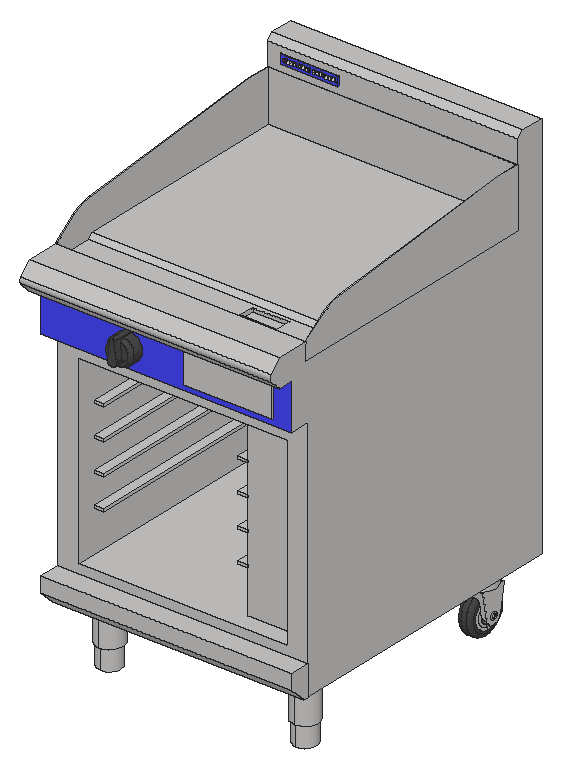
Revit family "QF_MOFFAT_BLUESEAL_CE_EP514-CB", category Specialty Equipment, Revit 2012
Parameters
  Weight in Pounds = 264  # constant formula
  Width [instance] = 600.00 mm  # constant formula
  Watts = 7200 W
  Volts = 230 V
  URL Cutsheet = "www.moffat.com"
  URL = "www.moffat.com"
  Type Mark [instance] = ""
  Status [instance] = ""
  Specification by User [instance] = ""
  Specification by Manufacturer = ""
  Show Logo [instance] = yes
  Show Casters [instance] = yes
  Serial Number = ""
  Seismic Rating = ""
  SMACNA No = ""
  Revision Code [instance] = ""
  Phase = 1
  Omniclass Number and Title = ""
  Number of Poles = 1
  NAFEM Spec ID Number = ""
  Model = "EP514-CB"
  Min Ckt Ampacity = 0 A
  Max Overcurrent Protection = 0 A
  Masterspec = ""
  Manufacturer = "MOFFAT BLUESEAL"
  Legs [instance] = no
  Item Number [instance] = ""
  Installed By [instance] = ""
  Identify Quantity as Lot [instance] = yes
  Height = 1085.00 mm  # constant formula
  HP = ""
  Furnished By [instance] = ""
  Foodservice Equipment Identifier [instance] = yes
  FL Amps = 30 A
  Elec Conn RI Height = 0.00 mm
  Elec Conn Connection Height = 0.00 mm
  Description = "600MM ELECTRIC GRIDDLE PLATE ON CABINET BASE"
  Depth [instance] = 812.00 mm  # constant formula
  Cycle = 50 Hz
  Conn Plug = ""
  Conn Conduit = yes
  CSI MasterFormat = ""
  CSI Master Format = ""
  Back Splash [instance] = 215.00 mm  # constant formula
  Apparent Power = if(Phase = 3, Volts * FL Amps * 1.73, Volts * FL Amps)  # 6900 VA
Reference planes
  plane 1 "BACK": y = 0
  plane 2: z = 0
  plane 3 "LEFT": x = 0
  plane 4 "RIGHT": x = 600
  plane 5 "FRONT": y = -812
  plane 6 "TOP": z = 970
  plane 7 "Center Y": x = 300
  plane 8 "Center X": y = -406
  plane 9 "Base Height": z = 150
  plane 10: z = 915
  plane 11: x = 65
  plane 12: x = 534
  plane 13: y = -625
  plane 14: y = -100
  plane 15: x = 470
  plane 16: y = -32
  plane 17: z = 1085
  plane 18: z = 740
Forms (mm)
  Extrusion 1, solid, material "QF_Finishes_Stainless Steel"
    sketch origin (0, 0, 0) x (0, 1, 0) y (0, 0, 1)
      loop
        line (-100, 150) -> (0, 150) -> (0, 1085) -> (-57.5, 1085) -> (-70, 1072.5) -> (-70, 875) -> (-705, 875) -> (-705, 915) -> (-783.97, 915) -> (-808.485, 890.485)
        arc (-808.485, 890.485) -> (-811.999, 882) -> (-808.485, 873.515) r 12
        line (-808.485, 873.515) -> (-784.97, 850) -> (-749, 850) -> (-749, 740) -> (-100, 740) -> (-100, 150)
      loop
        line (-749, 186) -> (-713, 150) -> (-700, 150) -> (-700, 222.5) -> (-749, 222.5) -> (-749, 186)
    from 0 to 600
  Revolve 2, solid, material "QF_Finishes_Stainless Steel"
    sketch origin (534, -735, 0) x (0, 1, 0) y (0, 0, -1)
      loop
        line (78.25, -150) -> (110, -150) -> (110, 0) -> (82.5, 0) -> (82.5, -50) -> (78.25, -50) -> (78.25, -150)
      axis (110, -150) -> (110, 0)
    angle from 0 to 360
  Revolve 3, solid, material "QF_Finishes_Stainless Steel"
    sketch origin (65, -735, 0) x (0, 1, 0) y (0, 0, -1)
      loop
        line (78.25, -150) -> (110, -150) -> (110, 0) -> (82.5, 0) -> (82.5, -50) -> (78.25, -50) -> (78.25, -150)
      axis (110, -150) -> (110, 0)
    angle from 0 to 360
  Revolve 4, solid, material "QF_Finishes_Black"
    sketch origin (217.5, 7, 597.8) x (0, 1, 0) y (0, 0, -1)
      loop
        line (-789, -229.5) -> (-766, -229.5) -> (-766, -202) -> (-756, -202) -> (-756, -197) -> (-800, -197) -> (-800, -223.651) -> (-789, -229.5)
      axis (-800, -197) -> (-756, -197)
    angle from 0 to 360
  Extrusion 5, solid, material "QF_Finishes_Black"
    sketch origin (355.77, 0, 597.958) x (-1, 0, 0) y (0, 0, -1)
      loop
        line (127.85, -186.037) -> (133.271, -228.955)
        arc (133.271, -228.955) -> (138.27, -233.842) -> (143.268, -228.955) r 5
        line (143.268, -228.955) -> (148.757, -184.87)
        arc (148.757, -184.87) -> (137.685, -174.371) -> (127.85, -186.037) r 10.487
    from 759 to 808
  Extrusion 6, solid, material "QF_Finishes_Stainless Steel"
    sketch origin (0, -749, 866) x (0, 0, -1) y (1, 0, 0)
      loop
        line (25.201, 345) -> (112.1, 345) -> (112.1, 555) -> (25.201, 555) -> (25.201, 345)
    from 0 to 2.5
  Extrusion 7, solid, material "QF_Finishes_Stainless Steel"
    sketch origin (0, -751.5, 866) x (0, 0, -1) y (1, 0, 0)
      loop
        line (32.201, 555) -> (25.201, 555) -> (25.201, 345) -> (32.201, 345) -> (32.201, 555)
    from 0 to 5
  Extrusion 8, solid, material "QF_Finishes_Stainless Steel"
    sketch origin (0, -699, 685) x (1, 0, 0) y (0, -1, 0)
      loop
        circle (470, -667) r 10
    from -83.655 to -55
  Extrusion 9, solid, material "QF_Finishes_Stainless Steel"
    sketch origin (0, -100, 685) x (0, 0, 1) y (-1, 0, 0)
      loop
        line (-535, 0) -> (-535, -600) -> (55, -600) -> (55, 0) -> (-535, 0)
      loop
        line (0, -50) -> (-442.5, -50) -> (-442.5, -550) -> (0, -550) -> (0, -50)
    from 0 to 599
  Extrusion 10, solid, material "QF_Finishes_Stainless Steel"
    sketch origin (0, -100, 685) x (0, 0, 1) y (-1, 0, 0)
      loop
        line (-266.25, -50) -> (-266.25, -75) -> (-259.9, -75) -> (-259.9, -50) -> (-266.25, -50)
      loop
        line (-184.9, -75) -> (-184.9, -50) -> (-191.25, -50) -> (-191.25, -75) -> (-184.9, -75)
      loop
        line (-341.25, -50) -> (-341.25, -75) -> (-334.9, -75) -> (-334.9, -50) -> (-341.25, -50)
      loop
        line (-109.9, -75) -> (-109.9, -50) -> (-116.25, -50) -> (-116.25, -75) -> (-109.9, -75)
      loop
        line (-266.25, -419.5) -> (-259.9, -419.5) -> (-259.9, -394.5) -> (-266.25, -394.5) -> (-266.25, -419.5)
      loop
        line (-184.9, -394.5) -> (-191.25, -394.5) -> (-191.25, -419.5) -> (-184.9, -419.5) -> (-184.9, -394.5)
      loop
        line (-341.25, -419.5) -> (-334.9, -419.5) -> (-334.9, -394.5) -> (-341.25, -394.5) -> (-341.25, -419.5)
      loop
        line (-109.9, -394.5) -> (-116.25, -394.5) -> (-116.25, -419.5) -> (-109.9, -419.5) -> (-109.9, -394.5)
    from 0 to 554
  Extrusion 11, solid, material "QF_Finishes_Stainless Steel"
    sketch origin (0, -100, 685) x (0, 0, 1) y (-1, 0, 0)
      loop
        line (0, -550) -> (0, -419.5) -> (-442.5, -419.5) -> (-442.5, -550) -> (0, -550)
    from 546.898 to 554
  Extrusion 12, void
    sketch origin (0, 0, 150) x (-1, 0, 0) y (0, -1, 0)
      loop
        line (-535.614, 87.26) -> (-535.614, -30.24) -> (-406.114, -30.24) -> (-406.114, 38.76) -> (-454.614, 87.26) -> (-535.614, 87.26)
    from 72.5 to 590
  Revolve 13, solid, material "QF_Finishes_Stainless Steel", visible <- "Legs"
    sketch origin (534, -210, 0) x (0, 1, 0) y (0, 0, -1)
      loop
        line (78.25, -150) -> (110, -150) -> (110, 0) -> (82.5, 0) -> (82.5, -50) -> (78.25, -50) -> (78.25, -150)
      axis (110, -150) -> (110, 0)
    angle from 0 to 360
  Revolve 14, solid, material "QF_Finishes_Stainless Steel", visible <- "Legs"
    sketch origin (65, -210, 0) x (0, 1, 0) y (0, 0, -1)
      loop
        line (78.25, -150) -> (110, -150) -> (110, 0) -> (82.5, 0) -> (82.5, -50) -> (78.25, -50) -> (78.25, -150)
      axis (110, -150) -> (110, 0)
    angle from 0 to 360
  Revolve 15, solid, material "QF_Finishes_Stainless Steel", visible <- "Legs"
    sketch origin (65.5, -166, 0) x (0, 1, 0) y (0, 0, 1)
      loop
        line (34.25, 150) -> (34.25, 50) -> (38.5, 50) -> (38.5, 0) -> (66, 0) -> (66, 150) -> (34.25, 150)
      axis (66, 150) -> (66, 0)
    angle from 0 to 360
  Revolve 16, solid, material "QF_Finishes_Stainless Steel", visible <- "Legs"
    sketch origin (534.5, -166, 0) x (0, 1, 0) y (0, 0, -1)
      loop
        line (34.25, -150) -> (66, -150) -> (66, 0) -> (38.5, 0) -> (38.5, -50) -> (34.25, -50) -> (34.25, -150)
      axis (66, -150) -> (66, 0)
    angle from 0 to 360
  Revolve 17, solid, material "QF_Finishes_Stainless Steel", visible <- "Show Casters"
    sketch origin (16.276, -100.755, -13.653) x (1, 0, 0) y (0, 0, 1)
      loop
        line (14.841, 63.604) -> (83.584, 63.604) -> (83.584, 67.109) -> (82.314, 68.379) -> (80.79, 68.379) -> (80.79, 71.826) -> (68.644, 71.826) -> (68.644, 81.79) -> (65.088, 83.843) -> (63.738, 92.179) -> (65.881, 92.179) -> (65.881, 98.529) -> (65.088, 98.529) -> (65.088, 104.879)
        arc (65.088, 104.879) -> (62.298, 111.614) -> (55.563, 114.404) r 9.525
        line (55.563, 114.404) -> (42.863, 114.404)
        arc (42.863, 114.404) -> (36.127, 111.614) -> (33.338, 104.879) r 9.525
        line (33.338, 104.879) -> (33.338, 98.529) -> (32.544, 98.529) -> (32.544, 92.179) -> (34.687, 92.179) -> (33.352, 83.932) -> (29.782, 81.871) -> (29.782, 71.826) -> (17.635, 71.826) -> (17.635, 68.379) -> (16.111, 68.379) -> (14.841, 67.109) -> (14.841, 63.604)
      axis (14.841, 63.604) -> (83.584, 63.604)
    angle from 0 to 360
  Extrusion 18, solid, material "QF_Finishes_Stainless Steel", visible <- "Show Casters"
    sketch origin (72.001, 132.353, -8.783) x (0, 1, 0) y (0, 0, 1)
      loop
        line (-200.603, 118.783) -> (-264.103, 118.783) -> (-251.746, 53.895)
        arc (-251.746, 53.895) -> (-232.353, 38.783) -> (-212.959, 53.895) r 20
        line (-212.959, 53.895) -> (-200.603, 118.783)
    from -35.667 to 22.923
  Revolve 19, solid, material "QF_Finishes_Stainless Steel", visible <- "Show Casters"
    sketch origin (65.5, -204, 0) x (0, 1, 0) y (0, 0, 1)
      loop
        line (68.25, 150) -> (68.25, 110) -> (104, 110) -> (104, 150) -> (68.25, 150)
      axis (104, 150) -> (104, 110)
    angle from 0 to 360
  Revolve 20, solid, material "QF_Finishes_Stainless Steel", visible <- "Legs"
    sketch origin (65.5, -166, 0) x (0, 1, 0) y (0, 0, 1)
      loop
        line (34.25, 150) -> (34.25, 50) -> (38.5, 50) -> (38.5, 0) -> (66, 0) -> (66, 150) -> (34.25, 150)
      axis (66, 150) -> (66, 0)
    angle from 0 to 360
  Revolve 21, solid, material "QF_Finishes_Stainless Steel", visible <- "Show Casters"
    sketch origin (485.276, -100.755, -13.653) x (1, 0, 0) y (0, 0, 1)
      loop
        line (14.841, 63.604) -> (83.584, 63.604) -> (83.584, 67.109) -> (82.314, 68.379) -> (80.79, 68.379) -> (80.79, 71.826) -> (68.644, 71.826) -> (68.644, 81.79) -> (65.088, 83.843) -> (63.738, 92.179) -> (65.881, 92.179) -> (65.881, 98.529) -> (65.088, 98.529) -> (65.088, 104.879)
        arc (65.088, 104.879) -> (62.298, 111.614) -> (55.563, 114.404) r 9.525
        line (55.563, 114.404) -> (42.863, 114.404)
        arc (42.863, 114.404) -> (36.127, 111.614) -> (33.338, 104.879) r 9.525
        line (33.338, 104.879) -> (33.338, 98.529) -> (32.544, 98.529) -> (32.544, 92.179) -> (34.687, 92.179) -> (33.352, 83.932) -> (29.782, 81.871) -> (29.782, 71.826) -> (17.635, 71.826) -> (17.635, 68.379) -> (16.111, 68.379) -> (14.841, 67.109) -> (14.841, 63.604)
      axis (14.841, 63.604) -> (83.584, 63.604)
    angle from 0 to 360
  Extrusion 22, solid, material "QF_Finishes_Stainless Steel", visible <- "Show Casters"
    sketch origin (541.001, 132.353, -8.783) x (0, 1, 0) y (0, 0, 1)
      loop
        line (-200.603, 118.783) -> (-264.103, 118.783) -> (-251.746, 53.895)
        arc (-251.746, 53.895) -> (-232.353, 38.783) -> (-212.959, 53.895) r 20
        line (-212.959, 53.895) -> (-200.603, 118.783)
    from -35.667 to 22.923
  Revolve 23, solid, material "QF_Finishes_Stainless Steel", visible <- "Show Casters"
    sketch origin (534.5, -204, 0) x (0, 1, 0) y (0, 0, 1)
      loop
        line (68.25, 150) -> (68.25, 110) -> (104, 110) -> (104, 150) -> (68.25, 150)
      axis (104, 150) -> (104, 110)
    angle from 0 to 360
Cuts and joins
  joined: Extrusion 6, Extrusion 7
  Extrusion 12 cuts Extrusion 1
  joined: Extrusion 1, Extrusion 9
Lines and regions (mm)
  Split face 1
    outline origin (600, -749, 850) x (-1, 0, 0) y (0, 0, -1)
      loop
        circle (337.495, 25.2) r 7.15
  Split face 2
    outline origin (600, -749, 850) x (-1, 0, 0) y (0, 0, -1)
      loop
        circle (337.495, 45.2) r 7.15
  Split face 3
    outline origin (340, -751.5, 753.9) x (1, 0, 0) y (0, 0, 1)
      loop
        arc (103, 77) -> (99, 73) -> (103, 69) r 4
        line (103, 69) -> (117, 69)
        arc (117, 69) -> (121, 73) -> (117, 77) r 4
        line (117, 77) -> (103, 77)
  Split face 4
    outline origin (600, 0, 1085) x (-1, 0, 0) y (0, -1, 0)
      loop
        arc (34, 45.385) -> (25.34, 40.385) -> (25.34, 30.385) r 10
        line (25.34, 30.385) -> (29.381, 23.385)
        arc (29.381, 23.385) -> (33.041, 19.725) -> (38.041, 18.385) r 10
        line (38.041, 18.385) -> (266, 18.385)
        arc (266, 18.385) -> (274.66, 23.385) -> (274.66, 33.385) r 10
        line (274.66, 33.385) -> (270.619, 40.385)
        arc (270.619, 40.385) -> (266.959, 44.045) -> (261.959, 45.385) r 10
        line (261.959, 45.385) -> (34, 45.385)
  Split face 5
    outline origin (600, 0, 1085) x (-1, 0, 0) y (0, -1, 0)
      loop
        arc (324, 45.385) -> (315.34, 40.385) -> (315.34, 30.385) r 10
        line (315.34, 30.385) -> (319.381, 23.385)
        arc (319.381, 23.385) -> (323.041, 19.725) -> (328.041, 18.385) r 10
        line (328.041, 18.385) -> (556, 18.385)
        arc (556, 18.385) -> (564.66, 23.385) -> (564.66, 33.385) r 10
        line (564.66, 33.385) -> (560.619, 40.385)
        arc (560.619, 40.385) -> (556.959, 44.045) -> (551.959, 45.385) r 10
        line (551.959, 45.385) -> (324, 45.385)
  symbolic lines
    curve 1: line (0, 0, 0) -> (0, -812, 0)
    curve 2: line (600, -812, 0) -> (600, 0, 0)
    curve 3: line (0, -812, 0) -> (600, -812, 0)
    curve 12: line (561.959, -18.385, 0) -> (334, -18.385, 0)
    curve 13: arc (334, -18.385, 0) -> (325.34, -23.385, 0) -> (325.34, -33.385, 0) r 10
    curve 14: line (325.34, -33.385, 0) -> (329.381, -40.385, 0)
    curve 15: arc (329.381, -40.385, 0) -> (333.041, -44.045, 0) -> (338.041, -45.385, 0) r 10
    curve 16: line (338.041, -45.385, 0) -> (566, -45.385, 0)
    curve 17: arc (566, -45.385, 0) -> (574.66, -40.385, 0) -> (574.66, -30.385, 0) r 10
    curve 18: line (574.66, -30.385, 0) -> (570.619, -23.385, 0)
    curve 19: arc (570.619, -23.385, 0) -> (566.959, -19.725, 0) -> (561.959, -18.385, 0) r 10
    curve 20: line (44, -18.385, 0) -> (271.959, -18.385, 0)
    curve 21: arc (271.959, -18.385, 0) -> (276.959, -19.725, 0) -> (280.619, -23.385, 0) r 10
    curve 22: line (280.619, -23.385, 0) -> (284.66, -30.385, 0)
    curve 23: arc (284.66, -30.385, 0) -> (284.66, -40.385, 0) -> (276, -45.385, 0) r 10
    curve 24: line (276, -45.385, 0) -> (48.041, -45.385, 0)
    curve 25: arc (48.041, -45.385, 0) -> (43.041, -44.045, 0) -> (39.381, -40.385, 0) r 10
    curve 26: line (39.381, -40.385, 0) -> (35.34, -33.385, 0)
    curve 27: arc (35.34, -33.385, 0) -> (35.34, -23.385, 0) -> (44, -18.385, 0) r 10
    curve 28: line (0, -783.97, 0) -> (600, -783.97, 0)
    curve 29: line (0, -70, 0) -> (600, -70, 0)
    curve 30: line (0, -57.5, 0) -> (600, -57.5, 0)
    curve 31: line (600, 0, 0) -> (0, 0, 0)
  symbolic lines, style "SpecialityEquipmentHiddenLines", visible <- "Show Casters"
    curve 4: line (78.456, -46.735, 0) -> (105.952, -62.61, 0)
    curve 5: line (27.656, -134.723, 0) -> (78.456, -46.735, 0)
    curve 6: line (55.152, -150.598, 0) -> (27.656, -134.723, 0)
    curve 7: line (105.952, -62.61, 0) -> (55.152, -150.598, 0)
    curve 8: line (548.456, -46.735, 0) -> (575.952, -62.61, 0)
    curve 9: line (497.656, -134.723, 0) -> (548.456, -46.735, 0)
    curve 10: line (525.152, -150.598, 0) -> (497.656, -134.723, 0)
    curve 11: line (575.952, -62.61, 0) -> (525.152, -150.598, 0)
Dimensions and locks
  equal spacing: plane 3 "LEFT", plane 7 "Center Y", plane 4 "RIGHT"
  "Width": plane 3 "LEFT" to plane 4 "RIGHT"
  equal spacing: plane 5 "FRONT", plane 8 "Center X", plane 1 "BACK"
  "Depth": plane 5 "FRONT" to plane 1 "BACK"
  locked: plane 10 to level at 915
  locked: plane 9 "Base Height" to level at 150
  plane 6 "TOP" to plane 10 = 55.00 mm
  plane 13 to plane 14 = 525.00 mm
  plane 12 to plane 11 = 469.00 mm
  plane 15 to plane 4 "RIGHT" = 130.00 mm
  plane 16 to plane 1 "BACK" = 32.00 mm
  plane 17 to plane 2 = 1085.00 mm
  Extrusion 8 sketch curve to plane 1 "BACK" = 32.00 mm
  plane 18 to plane 2 = 740.00 mm
  Revolve 17 sketch curve to Revolve 17 sketch curve = 50.80 mm
  Revolve 21 sketch curve to Revolve 21 sketch curve = 50.80 mm
  aligned and locked: level to plane 2
Automatic sketch dimensions
  curve 1 to plane 3 "LEFT" = 0.00 mm
  curve 2 to plane 4 "RIGHT" = 0.00 mm
  plane 5 "FRONT" to curve 3 = 0.00 mm
  Revolve 2 sketch curve to plane 9 "Base Height" = 0.00 mm
  Revolve 2 sketch curve to level = 0.00 mm
  Revolve 2 sketch curve to plane 13 = 0.00 mm  (x2)
  Revolve 2 sketch curve to plane 13 = 27.50 mm
  Revolve 2 sketch curve to plane 13 = 31.75 mm
  level to Revolve 2 sketch curve = 50.00 mm
  Revolve 2 sketch curve to Revolve 2 sketch curve = 0.00 mm
  Revolve 2 sketch curve to Revolve 2 sketch curve = 55.00 mm
  Revolve 3 sketch curve to plane 9 "Base Height" = 0.00 mm
  Revolve 3 sketch curve to level = 0.00 mm
  Revolve 3 sketch curve to plane 13 = 0.00 mm  (x2)
  Revolve 3 sketch curve to plane 13 = 27.50 mm
  Revolve 3 sketch curve to plane 13 = 31.75 mm
  level to Revolve 3 sketch curve = 50.00 mm
  Revolve 3 sketch curve to Revolve 3 sketch curve = 0.00 mm
  Revolve 3 sketch curve to Revolve 3 sketch curve = 55.00 mm
  Revolve 4 sketch curve to plane 5 "FRONT" = 19.00 mm
  Revolve 4 sketch curve to Revolve 4 sketch curve = 0.00 mm  (x2)
  Revolve 4 sketch curve to Revolve 4 sketch curve = 11.00 mm
  Revolve 4 sketch curve to Revolve 4 sketch curve = 12.70 mm
  Revolve 4 sketch curve to Revolve 4 sketch curve = 23.00 mm
  Revolve 4 sketch curve to Revolve 4 sketch curve = 10.00 mm
  plane 9 "Base Height" to Revolve 4 sketch curve = 677.30 mm
  Revolve 4 sketch curve to Revolve 4 sketch curve = 5.849 mm
  Revolve 4 sketch curve to Revolve 4 sketch curve = 27.50 mm
  Revolve 4 sketch curve to Revolve 4 sketch curve = 5.00 mm
  Extrusion 7 sketch curve to Extrusion 6 = 0.00 mm  (x2)
  Extrusion 6 to Extrusion 7 sketch curve = 0.00 mm
  Extrusion 7 sketch curve to Extrusion 6 = 7.00 mm
  Extrusion 1 to Extrusion 9 sketch curve = 0.00 mm
  Extrusion 9 sketch curve to Extrusion 1 = 0.00 mm  (x3)
  Extrusion 1 to Extrusion 9 sketch curve = 92.50 mm
  Extrusion 1 to Extrusion 9 sketch curve = 50.00 mm  (x2)
  Extrusion 8 sketch curve to plane 15 = 0.00 mm
  Extrusion 1 to Extrusion 9 sketch curve = 55.00 mm
  Extrusion 1 to Extrusion 11 sketch curve = 92.50 mm
  Extrusion 1 to Extrusion 11 sketch curve = 55.00 mm
  Extrusion 1 to Extrusion 11 sketch curve = 50.00 mm
  Extrusion 11 sketch curve to Extrusion 11 sketch curve = 130.50 mm
  Extrusion 1 to Extrusion 10 sketch curve = 50.00 mm  (x2)
  Extrusion 1 to Extrusion 10 sketch curve = 193.75 mm  (x2)
  Extrusion 10 sketch curve to Extrusion 10 sketch curve = 6.35 mm  (x8)
  Extrusion 10 sketch curve to Extrusion 10 sketch curve = 68.65 mm  (x6)
  Extrusion 10 sketch curve to Extrusion 10 sketch curve = 25.00 mm  (x8)
  Extrusion 10 sketch curve to Extrusion 10 sketch curve = 0.00 mm  (x4)
  Extrusion 1 to Extrusion 10 sketch curve = 75.00 mm
  Extrusion 1 to Extrusion 10 sketch curve = 205.50 mm
  Extrusion 12 sketch curve to plane 12 = 1.614 mm
  Extrusion 12 sketch curve to plane 15 = 15.386 mm
  Extrusion 12 sketch curve to plane 16 = 6.76 mm
  Extrusion 12 sketch curve to plane 15 = 63.886 mm
  Extrusion 12 sketch curve to plane 1 "BACK" = 30.24 mm
  plane 14 to Extrusion 12 sketch curve = 12.74 mm
  Extrusion 1 sketch curve to plane 10 = 0.00 mm
  Extrusion 1 sketch curve to plane 9 "Base Height" = 0.00 mm  (x2)
  Extrusion 1 sketch curve to plane 14 = 0.00 mm
  Extrusion 1 sketch curve to plane 17 = 0.00 mm
  Extrusion 1 sketch curve to plane 1 "BACK" = 0.00 mm
  Extrusion 1 sketch curve to plane 13 = 75.00 mm
  Extrusion 1 sketch curve to plane 10 = 40.00 mm
  Extrusion 1 sketch curve to plane 13 = 80.00 mm
  Extrusion 1 sketch curve to Extrusion 1 sketch curve = 13.00 mm
  Extrusion 1 sketch curve to Extrusion 1 sketch curve = 36.00 mm
  Extrusion 1 sketch curve to Extrusion 1 sketch curve = 44.00 mm
  Extrusion 1 sketch curve to plane 5 "FRONT" = 28.03 mm
  Extrusion 1 sketch curve to plane 5 "FRONT" = 27.03 mm
  Extrusion 1 sketch curve to plane 5 "FRONT" = 12.001 mm
  Extrusion 1 sketch curve to plane 5 "FRONT" = 3.515 mm  (x2)
  plane 14 to Extrusion 1 sketch curve = 30.00 mm
  Extrusion 1 sketch curve to Extrusion 1 sketch curve = 12.50 mm
  plane 9 "Base Height" to Extrusion 1 sketch curve = 36.00 mm
  Extrusion 1 sketch curve to Extrusion 1 sketch curve = 36.50 mm
  Extrusion 1 sketch curve to Extrusion 1 sketch curve = 25.00 mm
  Extrusion 1 sketch curve to Extrusion 1 sketch curve = 23.515 mm
  Extrusion 1 sketch curve to Extrusion 1 sketch curve = 8.485 mm
  Extrusion 1 sketch curve to plane 17 = 12.50 mm
  Extrusion 6 sketch curve to plane 12 = 21.00 mm
  Extrusion 6 sketch curve to plane 10 = 74.201 mm
  plane 7 "Center Y" to Extrusion 6 sketch curve = 45.00 mm
  cut or joined group of Extrusion 6, Extrusion 7 to Split face 3 sketch curve = 2.899 mm
  Split face 3 sketch curve to cut or joined group of Extrusion 6, Extrusion 7 = 98.00 mm
  Split face 3 sketch curve to Split face 3 sketch curve = 14.00 mm
  Split face 3 sketch curve to Split face 3 sketch curve = 4.00 mm
  Extrusion 5 sketch curve to plane 7 "Center Y" = 72.081 mm
  Extrusion 5 sketch curve to Extrusion 5 sketch curve = 5.421 mm
  Extrusion 5 sketch curve to Extrusion 5 sketch curve = 10.419 mm
  Extrusion 5 sketch curve to Extrusion 5 sketch curve = 4.999 mm  (x2)
  Extrusion 5 sketch curve to Extrusion 5 sketch curve = 10.487 mm
  Extrusion 5 sketch curve to plane 10 = 88.087 mm
  Extrusion 5 sketch curve to Extrusion 5 sketch curve = 0.113 mm
  Extrusion 5 sketch curve to Extrusion 5 sketch curve = 42.919 mm
  Extrusion 5 sketch curve to Extrusion 5 sketch curve = 1.167 mm
  plane 1 "BACK" to curve 2 = 0.00 mm
  Extrusion 1 sketch curve to Extrusion 1 sketch curve = 135.00 mm
  Extrusion 6 sketch curve to Extrusion 6 sketch curve = 86.899 mm
  Split face 4 sketch curve to cut or joined group of Extrusion 1, Extrusion 9, Extrusion 12 = 25.34 mm
  Split face 4 sketch curve to Split face 4 sketch curve = 4.041 mm  (x4)
  Split face 4 sketch curve to Split face 4 sketch curve = 8.66 mm  (x2)
  Split face 4 sketch curve to cut or joined group of Extrusion 1, Extrusion 9, Extrusion 12 = 22.115 mm
  Split face 4 sketch curve to Split face 4 sketch curve = 223.917 mm
  Split face 4 sketch curve to cut or joined group of Extrusion 1, Extrusion 9, Extrusion 12 = 17.115 mm
  Split face 4 sketch curve to Split face 4 sketch curve = 10.00 mm
  Split face 4 sketch curve to Split face 4 sketch curve = 7.00 mm  (x3)
  Split face 5 sketch curve to cut or joined group of Extrusion 1, Extrusion 9, Extrusion 12 = 27.115 mm
  Split face 5 sketch curve to cut or joined group of Extrusion 1, Extrusion 9, Extrusion 12 = 284.66 mm
  Split face 5 sketch curve to cut or joined group of Extrusion 1, Extrusion 9, Extrusion 12 = 23.385 mm
  Split face 5 sketch curve to Split face 5 sketch curve = 4.041 mm  (x4)
  Split face 5 sketch curve to Split face 5 sketch curve = 8.66 mm  (x2)
  Split face 5 sketch curve to cut or joined group of Extrusion 1, Extrusion 9, Extrusion 12 = 22.115 mm
  Split face 5 sketch curve to cut or joined group of Extrusion 1, Extrusion 9, Extrusion 12 = 48.041 mm
  Split face 5 sketch curve to cut or joined group of Extrusion 1, Extrusion 9, Extrusion 12 = 17.115 mm
  Split face 5 sketch curve to Split face 5 sketch curve = 17.00 mm
  Split face 5 sketch curve to Split face 5 sketch curve = 7.00 mm
  curve 7 to plane 11 = 9.848 mm
  plane 11 to curve 5 = 13.456 mm
  curve 4 to curve 7 = 27.496 mm
  plane 12 to curve 11 = 8.848 mm
  curve 8 to plane 12 = 14.456 mm
  plane 4 "RIGHT" to curve 11 = 24.048 mm
  curve 10 to curve 10 = 15.875 mm
  curve 6 to curve 5 = 15.875 mm
  curve 9 to plane 16 = 14.735 mm
  curve 4 to plane 16 = 14.735 mm
  Revolve 13 sketch curve to plane 9 "Base Height" = 0.00 mm
  Revolve 13 sketch curve to level = 0.00 mm
  Revolve 13 sketch curve to plane 14 = 0.00 mm  (x2)
  Revolve 13 sketch curve to plane 14 = 27.50 mm
  Revolve 13 sketch curve to plane 14 = 31.75 mm
  level to Revolve 13 sketch curve = 50.00 mm
  Revolve 13 sketch curve to Revolve 13 sketch curve = 0.00 mm
  Revolve 13 sketch curve to Revolve 13 sketch curve = 55.00 mm
  Revolve 14 sketch curve to plane 9 "Base Height" = 0.00 mm
  Revolve 14 sketch curve to level = 0.00 mm
  Revolve 14 sketch curve to plane 14 = 0.00 mm  (x2)
  Revolve 14 sketch curve to plane 14 = 27.50 mm
  Revolve 14 sketch curve to plane 14 = 31.75 mm
  level to Revolve 14 sketch curve = 50.00 mm
  Revolve 14 sketch curve to Revolve 14 sketch curve = 0.00 mm
  Revolve 14 sketch curve to Revolve 14 sketch curve = 55.00 mm
  Revolve 15 sketch curve to plane 9 "Base Height" = 0.00 mm
  Revolve 15 sketch curve to level = 0.00 mm
  Revolve 15 sketch curve to plane 14 = 0.00 mm  (x2)
  Revolve 15 sketch curve to plane 14 = 27.50 mm
  Revolve 15 sketch curve to plane 14 = 31.75 mm
  Revolve 15 sketch curve to Revolve 15 sketch curve = 55.00 mm
  level to Revolve 15 sketch curve = 50.00 mm
  Revolve 15 sketch curve to Revolve 15 sketch curve = 0.00 mm
  Revolve 16 sketch curve to plane 9 "Base Height" = 0.00 mm
  Revolve 16 sketch curve to level = 0.00 mm
  Revolve 16 sketch curve to plane 14 = 0.00 mm  (x2)
  Revolve 16 sketch curve to plane 14 = 27.50 mm
  Revolve 16 sketch curve to plane 14 = 31.75 mm
  level to Revolve 16 sketch curve = 50.00 mm
  Revolve 16 sketch curve to Revolve 16 sketch curve = 0.00 mm
  Revolve 16 sketch curve to Revolve 16 sketch curve = 55.00 mm
  plane 3 "LEFT" to Revolve 17 sketch curve = 31.118 mm
  Revolve 17 sketch curve to Revolve 17 sketch curve = 1.27 mm  (x4)
  Revolve 17 sketch curve to Revolve 17 sketch curve = 1.524 mm  (x2)
  Revolve 17 sketch curve to Revolve 17 sketch curve = 12.146 mm  (x2)
  Revolve 17 sketch curve to plane 11 = 16.18 mm
  Revolve 17 sketch curve to Revolve 17 sketch curve = 0.794 mm  (x2)
  Revolve 17 sketch curve to Revolve 17 sketch curve = 3.57 mm
  Revolve 17 sketch curve to Revolve 17 sketch curve = 2.143 mm
  Revolve 17 sketch curve to plane 11 = 5.861 mm
  plane 11 to Revolve 17 sketch curve = 5.63 mm
  plane 11 to Revolve 17 sketch curve = 6.839 mm
  plane 11 to Revolve 17 sketch curve = 15.015 mm
  Revolve 17 sketch curve to Revolve 17 sketch curve = 1.349 mm  (x2)
  Revolve 17 sketch curve to Revolve 17 sketch curve = 3.556 mm
  Revolve 17 sketch curve to Revolve 17 sketch curve = 33.32 mm
  level to Revolve 17 sketch curve = 49.952 mm
  Revolve 17 sketch curve to Revolve 17 sketch curve = 0.00 mm
  Revolve 17 sketch curve to Revolve 17 sketch curve = 3.505 mm  (x2)
  Revolve 17 sketch curve to Revolve 17 sketch curve = 3.447 mm  (x2)
  Revolve 17 sketch curve to Revolve 17 sketch curve = 9.964 mm
  Revolve 17 sketch curve to Revolve 17 sketch curve = 10.045 mm
  Revolve 17 sketch curve to Revolve 17 sketch curve = 2.053 mm
  Revolve 17 sketch curve to Revolve 17 sketch curve = 2.061 mm
  Revolve 17 sketch curve to Revolve 17 sketch curve = 8.247 mm
  Revolve 17 sketch curve to Revolve 17 sketch curve = 8.336 mm
  Revolve 17 sketch curve to Revolve 17 sketch curve = 6.35 mm  (x2)
  Extrusion 18 sketch curve to plane 14 = 0.00 mm
  Extrusion 18 sketch curve to plane 14 = 19.393 mm
  Extrusion 18 sketch curve to plane 14 = 31.75 mm
  plane 14 to Extrusion 18 sketch curve = 19.393 mm
  plane 14 to Extrusion 18 sketch curve = 31.75 mm
  level to Extrusion 18 sketch curve = 45.111 mm
  Extrusion 18 sketch curve to Extrusion 18 sketch curve = 4.889 mm
  Extrusion 18 sketch curve to plane 9 "Base Height" = 40.00 mm
  Revolve 19 sketch curve to plane 9 "Base Height" = 0.00 mm
  Revolve 19 sketch curve to plane 14 = 0.00 mm  (x2)
  Revolve 19 sketch curve to plane 14 = 35.75 mm
  Revolve 19 sketch curve to plane 9 "Base Height" = 40.00 mm
  level to Revolve 19 sketch curve = 50.00 mm
  Revolve 19 sketch curve to level = 55.00 mm
  Revolve 20 sketch curve to plane 9 "Base Height" = 0.00 mm
  Revolve 20 sketch curve to level = 0.00 mm
  Revolve 20 sketch curve to plane 14 = 0.00 mm  (x2)
  Revolve 20 sketch curve to plane 14 = 27.50 mm
  Revolve 20 sketch curve to Revolve 20 sketch curve = 31.75 mm
  Revolve 20 sketch curve to Revolve 20 sketch curve = 55.00 mm
  level to Revolve 20 sketch curve = 50.00 mm
  Revolve 20 sketch curve to Revolve 20 sketch curve = 0.00 mm
  plane 15 to Revolve 21 sketch curve = 30.118 mm
  Revolve 21 sketch curve to Revolve 21 sketch curve = 1.27 mm  (x4)
  Revolve 21 sketch curve to Revolve 21 sketch curve = 1.524 mm  (x2)
  Revolve 21 sketch curve to Revolve 21 sketch curve = 12.146 mm  (x2)
  plane 12 to Revolve 21 sketch curve = 16.18 mm
  Revolve 21 sketch curve to Revolve 21 sketch curve = 0.794 mm  (x2)
  Revolve 21 sketch curve to Revolve 21 sketch curve = 3.57 mm
  Revolve 21 sketch curve to Revolve 21 sketch curve = 2.143 mm
  plane 12 to Revolve 21 sketch curve = 5.861 mm
  Revolve 21 sketch curve to plane 12 = 5.63 mm
  Revolve 21 sketch curve to plane 12 = 6.839 mm
  Revolve 21 sketch curve to plane 12 = 15.015 mm
  Revolve 21 sketch curve to Revolve 21 sketch curve = 1.349 mm  (x2)
  Revolve 21 sketch curve to Revolve 21 sketch curve = 3.556 mm
  Revolve 21 sketch curve to plane 4 "RIGHT" = 2.18 mm
  level to Revolve 21 sketch curve = 49.952 mm
  Revolve 21 sketch curve to Revolve 21 sketch curve = 0.00 mm
  Revolve 21 sketch curve to Revolve 21 sketch curve = 3.505 mm  (x2)
  Revolve 21 sketch curve to Revolve 21 sketch curve = 3.447 mm  (x2)
  Revolve 21 sketch curve to Revolve 21 sketch curve = 9.964 mm
  Revolve 21 sketch curve to Revolve 21 sketch curve = 10.045 mm
  Revolve 21 sketch curve to Revolve 21 sketch curve = 2.053 mm
  Revolve 21 sketch curve to Revolve 21 sketch curve = 2.061 mm
  Revolve 21 sketch curve to Revolve 21 sketch curve = 8.247 mm
  Revolve 21 sketch curve to Revolve 21 sketch curve = 8.336 mm
  Revolve 21 sketch curve to Revolve 21 sketch curve = 6.35 mm  (x2)
  Extrusion 22 sketch curve to plane 14 = 0.00 mm
  Extrusion 22 sketch curve to plane 14 = 19.393 mm
  Extrusion 22 sketch curve to plane 14 = 31.75 mm
  plane 14 to Extrusion 22 sketch curve = 19.393 mm
  plane 14 to Extrusion 22 sketch curve = 31.75 mm
  level to Extrusion 22 sketch curve = 45.111 mm
  Extrusion 22 sketch curve to Extrusion 22 sketch curve = 4.889 mm
  Extrusion 22 sketch curve to plane 9 "Base Height" = 40.00 mm
  Revolve 23 sketch curve to plane 9 "Base Height" = 0.00 mm
  Revolve 23 sketch curve to plane 14 = 0.00 mm  (x2)
  Revolve 23 sketch curve to Revolve 23 sketch curve = 35.75 mm
  Revolve 23 sketch curve to plane 9 "Base Height" = 40.00 mm
  level to Revolve 23 sketch curve = 50.00 mm
  Revolve 23 sketch curve to level = 55.00 mm
  curve 14 to plane 16 = 1.385 mm
  plane 7 "Center Y" to curve 14 = 25.34 mm
  curve 14 to plane 16 = 8.385 mm
  curve 13 to curve 14 = 4.041 mm
  curve 13 to curve 13 = 8.66 mm
  curve 15 to curve 15 = 8.66 mm
  plane 16 to curve 19 = 13.615 mm
  curve 19 to plane 12 = 27.959 mm
  curve 17 to plane 16 = 3.385 mm
  curve 19 to curve 17 = 4.041 mm
  plane 16 to curve 18 = 8.615 mm
  curve 19 to curve 18 = 8.66 mm
  plane 16 to curve 18 = 1.615 mm
  curve 18 to curve 18 = 4.041 mm
  curve 27 to plane 16 = 1.385 mm
  curve 27 to plane 11 = 29.66 mm
  curve 26 to curve 25 = 4.041 mm
  plane 16 to curve 27 = 13.615 mm
  curve 27 to curve 27 = 8.66 mm
  curve 25 to curve 25 = 8.66 mm
  plane 16 to curve 21 = 3.615 mm
  curve 21 to plane 7 "Center Y" = 28.041 mm
  curve 23 to plane 16 = 3.385 mm
  curve 21 to curve 23 = 4.041 mm
  plane 16 to curve 22 = 8.615 mm
  plane 16 to curve 22 = 1.615 mm
  curve 21 to curve 22 = 4.041 mm
  curve 26 to curve 26 = 7.00 mm
  curve 28 to plane 5 "FRONT" = 28.03 mm
  plane 14 to curve 29 = 30.00 mm
  curve 29 to curve 30 = 12.50 mm
  radius of Extrusion 8 sketch curve = 10.00 mm
Nested families
  nested 1: "ELECTRIC GRIDDLE PLATE" at (0, -70, 874.5), type "ELECTRIC GRIDDLE PLATE"
    with Type Mark "", Status "", Specification by User "", Revision Code "", Item Number "", Installed By "", Identify Quantity as Lot yes, Furnished By "", Foodservice Equipment Identifier yes
  nested 2: "WALDORF LOGO_FACE BASE" at (32, -70, 1056.885) x (1, 0, 0) z (0, -1, 0), visible <- "Show Logo", type "WALDORF LOGO_FACE BASE", detail levels medium+fine
    with Show Logo yes
Connectors
  electrical at (470, -32, 740), driven by "Volts", driven by "Watts"
    settings: on Extrusion 8, index 1, voltage 230 V, apparent load 7200 VA, apparent load phase1 0 VA, apparent load phase2 0 VA, apparent load phase3 0 VA, power factor 1, load classification "Other", number of poles 1, system type 30, power factor state 1, is connector primary yes, connector utility no, sub classification motor no, connector description "ELECTRICAL CONNECTION"
Definition of nested family "ELECTRIC GRIDDLE PLATE"
  Parameters (values of type "ELECTRIC GRIDDLE PLATE")
    Weight in Pounds = 0
    URL Cutsheet = ""
    Type Mark [instance] = ""
    Status [instance] = ""
    Specification by User [instance] = ""
    Specification by Manufacturer = ""
    Serial Number = ""
    Seismic Rating = ""
    SMACNA No = ""
    Revision Code [instance] = ""
    Omniclass Number and Title = ""
    NAFEM Spec ID Number = ""
    Masterspec = ""
    Item Number [instance] = ""
    Installed By [instance] = ""
    Identify Quantity as Lot [instance] = yes
    Furnished By [instance] = ""
    Foodservice Equipment Identifier [instance] = yes
    CSI MasterFormat = ""
    CSI Master Format = ""
  Reference planes
    plane 1 "BACK": y = 0
    plane 2: z = 0
    plane 3 "LEFT": x = 0
    plane 4 "RIGHT": x = 600
    plane 5 "FRONT": y = -635
    plane 6 "TOP": z = 142.5
    plane 7 "Center Y": x = 300
    plane 8 "Center X": y = -317.5
  Forms (mm)
    Extrusion 1, solid, material "QF_Finishes_Stainless Steel"
      sketch origin (0, 70.003, -874.5) x (0, 1, 0) y (0, 0, 1)
        loop
          line (-70, 875) -> (-70, 1017) -> (-127.048, 1017) -> (-605.133, 971.023)
          arc (-605.133, 971.023) -> (-630.16, 965.303) -> (-652.906, 953.399) r 100
          line (-652.906, 953.399) -> (-705.003, 916.5) -> (-705.003, 875) -> (-70, 875)
      from 0 to 1.8
    Extrusion 2, solid, material "QF_Finishes_Stainless Steel"
      sketch origin (600, 70.003, -874.5) x (0, -1, 0) y (0, 0, 1)
        loop
          line (127.048, 1017) -> (70, 1017) -> (70, 875) -> (705.003, 875) -> (705.003, 916.5) -> (652.906, 953.399)
          arc (652.906, 953.399) -> (630.16, 965.303) -> (605.133, 971.023) r 100
          line (605.133, 971.023) -> (127.048, 1017)
      from 0 to 1.2
    Extrusion 3, solid, material "QF_Finishes_Stainless Steel"
      sketch origin (150, 70.003, -874.5) x (0, 1, 0) y (0, 0, 1)
        loop
          line (-70, 895) -> (-601, 895) -> (-611.5, 884.5) -> (-704.403, 884.5) -> (-704.403, 875) -> (-70, 875) -> (-70, 895)
      from -148.2 to 448.8
    Extrusion 4, void
      sketch origin (150, -541.497, 10) x (0, -1, 0) y (1, 0, 0)
        loop
          line (10.495, 344.25) -> (10.495, 255.75) -> (48.995, 255.75) -> (48.995, 344.25) -> (10.495, 344.25)
      from -41.4 to 40.142
    Extrusion 5, solid, material "QF_Finishes_Stainless Steel"
      sketch origin (150, 0.003, 211.574) x (0, 0, -1) y (1, 0, 0)
        loop
          line (69.074, -148.2) -> (191.074, -148.2) -> (191.074, 448.8) -> (69.074, 448.8) -> (69.074, -148.2)
      from 0 to 1.683
  Cuts and joins
    Extrusion 4 cuts Extrusion 3
  Lines and regions (mm)
    symbolic lines
      curve 1: line (598.8, -531.597, 0) -> (1.8, -531.597, 0)
      curve 2: line (1.8, -542.097, 0) -> (598.8, -542.097, 0)
      curve 3: line (405.75, -552.097, 0) -> (405.75, -590.597, 0)
      curve 4: line (405.75, -590.597, 0) -> (494.25, -590.597, 0)
      curve 5: line (494.25, -590.597, 0) -> (494.25, -552.097, 0)
      curve 6: line (494.25, -552.097, 0) -> (405.75, -552.097, 0)
      curve 7: line (1.8, -1.68, 0) -> (598.8, -1.68, 0)
      curve 8: line (598.8, -1.68, 0) -> (598.8, -635, 0)
      curve 9: line (1.8, -635, 0) -> (1.8, -1.68, 0)
      curve 10: line (1.8, -635, 0) -> (598.8, -635, 0)
  Dimensions and locks
    equal spacing: plane 3 "LEFT", plane 7 "Center Y", plane 4 "RIGHT"
    plane 3 "LEFT" to plane 4 "RIGHT" = 600.00 mm
    equal spacing: plane 5 "FRONT", plane 8 "Center X", plane 1 "BACK"
    plane 5 "FRONT" to plane 1 "BACK" = 635.00 mm
    aligned and locked: level to plane 2
  Automatic sketch dimensions
    plane 1 "BACK" to Extrusion 1 sketch curve = 635.00 mm
    level to Extrusion 1 sketch curve = 0.50 mm
    plane 1 "BACK" to Extrusion 3 sketch curve = 634.40 mm
    level to Extrusion 3 sketch curve = 10.00 mm
    plane 1 "BACK" to Extrusion 3 sketch curve = 541.497 mm
    Extrusion 3 sketch curve to Extrusion 3 sketch curve = 10.50 mm
    level to Extrusion 3 sketch curve = 0.50 mm
    Extrusion 3 sketch curve to Extrusion 3 sketch curve = 531.00 mm
    level to Extrusion 3 sketch curve = 20.50 mm
    Extrusion 3 to Extrusion 4 sketch curve = 10.495 mm
    Extrusion 4 sketch curve to Extrusion 4 sketch curve = 38.50 mm
    Extrusion 3 to Extrusion 4 sketch curve = 193.05 mm
    Extrusion 3 to Extrusion 4 sketch curve = 104.55 mm
    plane 3 "LEFT" to Extrusion 5 sketch curve = 598.80 mm
    Extrusion 5 sketch curve to plane 6 "TOP" = 0.00 mm
    level to Extrusion 5 sketch curve = 20.50 mm
    Extrusion 5 sketch curve to Extrusion 5 sketch curve = 597.00 mm
    plane 5 "FRONT" to curve 10 = 0.00 mm
    plane 3 "LEFT" to curve 1 = 1.80 mm
    curve 4 to plane 5 "FRONT" = 44.403 mm
    plane 4 "RIGHT" to curve 4 = 194.25 mm
    plane 4 "RIGHT" to curve 5 = 105.75 mm
    plane 4 "RIGHT" to curve 8 = 1.20 mm
    curve 3 to curve 3 = 38.50 mm
    curve 9 to curve 2 = 92.903 mm
    curve 2 to curve 1 = 10.50 mm
    plane 1 "BACK" to curve 9 = 1.68 mm
    Extrusion 1 sketch curve to Extrusion 1 sketch curve = 41.50 mm
    Extrusion 1 sketch curve to plane 6 "TOP" = 0.00 mm
    Extrusion 1 sketch curve to plane 5 "FRONT" = 52.097 mm
    Extrusion 1 sketch curve to plane 6 "TOP" = 45.977 mm
    Extrusion 1 sketch curve to Extrusion 1 sketch curve = 47.773 mm
    Extrusion 1 sketch curve to level = 3.016 mm
    Extrusion 1 sketch curve to Extrusion 1 sketch curve = 9.585 mm
    plane 1 "BACK" to Extrusion 1 sketch curve = 57.045 mm
    Extrusion 1 sketch curve to plane 1 "BACK" = 0.003 mm
    Extrusion 2 sketch curve to plane 6 "TOP" = 0.00 mm
    Extrusion 2 sketch curve to plane 1 "BACK" = 0.003 mm
    plane 1 "BACK" to Extrusion 2 sketch curve = 57.045 mm
    Extrusion 2 sketch curve to level = 3.016 mm
    Extrusion 2 sketch curve to plane 5 "FRONT" = 109.455 mm
    Extrusion 2 sketch curve to plane 6 "TOP" = 45.977 mm
    Extrusion 2 sketch curve to plane 5 "FRONT" = 99.87 mm
    Extrusion 2 sketch curve to Extrusion 2 sketch curve = 47.773 mm
    plane 5 "FRONT" to Extrusion 2 sketch curve = 0.00 mm
    level to Extrusion 2 sketch curve = 0.50 mm
    Extrusion 2 sketch curve to Extrusion 2 sketch curve = 41.50 mm
Definition of nested family "WALDORF LOGO_FACE BASE"
  Parameters (values of type "WALDORF LOGO_FACE BASE")
    Show Logo [instance] = yes
    Default Elevation = 1219.20 mm
  Reference planes
    plane 1 "Center (Front/Back)": y = 0
    plane 2: z = 0
    plane 3 "Center (Left/Right)": x = 0
  Forms (mm)
    Extrusion 1, solid
      sketch origin (0, 0, 0) x (1, 0, 0) y (0, 1, 0)
        loop
          line (-1219.2, 1219.2) -> (-1219.2, -1219.2) -> (1219.2, -1219.2) -> (1219.2, 1219.2) -> (-1219.2, 1219.2)
      from 0 to -304.8
    Extrusion 2, solid, material "QF_Finishes_Blue", visible <- "Show Logo"
      sketch origin (0, -33.217, 0) x (1, 0, 0) y (0, 1, 0)
        loop
          arc (138, 31.942) -> (137.626, 32.844) -> (136.724, 33.217) r 1.276
          line (136.724, 33.217) -> (1.29, 33.217)
          arc (1.29, 33.217) -> (0.378, 32.839) -> (0, 31.927) r 1.29
          line (0, 31.927) -> (0, 11.507)
          arc (0, 11.507) -> (0.378, 10.595) -> (1.29, 10.217) r 1.29
          line (1.29, 10.217) -> (136.71, 10.217)
          arc (136.71, 10.217) -> (137.622, 10.595) -> (138, 11.507) r 1.29
          line (138, 11.507) -> (138, 31.942)
      from 0 to 1.588
    Extrusion 3, solid, material "QF_Finishes_White", visible <- "Show Logo"
      sketch origin (0, -33.217, 1.588) x (1, 0, 0) y (0, 1, 0)
        loop
          arc (108.946, 25.919) -> (107.613, 25.367) -> (107.061, 24.034) r 1.885
          line (107.061, 24.034) -> (107.061, 17.211) -> (112.704, 17.211) -> (112.704, 19.129) -> (115.546, 19.129) -> (115.546, 17.211) -> (121.584, 17.211) -> (121.584, 24.075)
          arc (121.584, 24.075) -> (121.043, 25.379) -> (119.739, 25.919) r 1.845
          line (119.739, 25.919) -> (108.946, 25.919)
        loop
          line (123.478, 25.919) -> (123.478, 17.163) -> (134.904, 17.163) -> (134.904, 19.129) -> (129.246, 19.129) -> (129.246, 25.919) -> (123.478, 25.919)
        loop
          line (112.704, 21.258) -> (115.546, 21.258) -> (115.546, 22.702)
          arc (115.546, 22.702) -> (115.344, 23.188) -> (114.858, 23.389) r 0.687
          line (114.858, 23.389) -> (113.363, 23.389)
          arc (113.363, 23.389) -> (112.897, 23.196) -> (112.704, 22.73) r 0.658
          line (112.704, 22.73) -> (112.704, 21.258)
        loop
          line (105.071, 25.919) -> (93.771, 25.919) -> (93.771, 17.163) -> (105.071, 17.163) -> (105.071, 19.063) -> (99.535, 19.063) -> (99.535, 20.437) -> (105.071, 20.437) -> (105.071, 22.278) -> (99.535, 22.278) -> (99.535, 23.587) -> (105.071, 23.587) -> (105.071, 25.919)
        loop
          line (91.104, 25.919) -> (79.541, 25.919)
          arc (79.541, 25.919) -> (78.558, 25.513) -> (78.152, 24.53) r 1.389
          line (78.152, 24.53) -> (78.152, 22.08)
          arc (78.152, 22.08) -> (78.558, 21.098) -> (79.541, 20.691) r 1.389
          line (79.541, 20.691) -> (86.346, 20.691) -> (86.346, 18.864) -> (83.266, 18.864) -> (83.266, 19.664) -> (78.152, 19.664) -> (78.152, 18.553)
          arc (78.152, 18.553) -> (78.558, 17.57) -> (79.541, 17.163) r 1.389
          line (79.541, 17.163) -> (91.063, 17.163)
          arc (91.063, 17.163) -> (92.045, 17.57) -> (92.452, 18.553) r 1.389
          line (92.452, 18.553) -> (92.452, 20.691)
          arc (92.452, 20.691) -> (92.045, 21.673) -> (91.063, 22.08) r 1.389
          line (91.063, 22.08) -> (83.266, 22.08) -> (83.266, 23.984) -> (86.346, 23.984) -> (86.346, 22.743) -> (92.452, 22.743) -> (92.452, 24.571)
          arc (92.452, 24.571) -> (92.057, 25.524) -> (91.104, 25.919) r 1.348
        loop
          line (70.705, 25.919) -> (59.405, 25.919) -> (59.405, 17.163) -> (70.705, 17.163) -> (70.705, 19.063) -> (65.169, 19.063) -> (65.169, 20.437) -> (70.705, 20.437) -> (70.705, 22.278) -> (65.169, 22.278) -> (65.169, 23.587) -> (70.705, 23.587) -> (70.705, 25.919)
        loop
          line (57.598, 25.919) -> (51.7, 25.919) -> (51.7, 20.18)
          arc (51.7, 20.18) -> (50.63, 19.11) -> (49.56, 20.18) r 1.07
          line (49.56, 20.18) -> (49.56, 25.919) -> (43.663, 25.919) -> (43.663, 19.049)
          arc (43.663, 19.049) -> (44.215, 17.716) -> (45.548, 17.163) r 1.885
          line (45.548, 17.163) -> (55.71, 17.163)
          arc (55.71, 17.163) -> (57.045, 17.716) -> (57.598, 19.051) r 1.887
          line (57.598, 19.051) -> (57.598, 25.919)
        loop
          line (31.62, 25.919) -> (31.62, 17.163) -> (43.046, 17.163) -> (43.046, 19.129) -> (37.388, 19.129) -> (37.388, 25.919) -> (31.62, 25.919)
        loop
          line (15.969, 25.919) -> (15.969, 17.163) -> (28.693, 17.163)
          arc (28.693, 17.163) -> (29.812, 17.627) -> (30.276, 18.746) r 1.582
          line (30.276, 18.746) -> (30.276, 20.447) -> (29.48, 21.243) -> (30.276, 22.039) -> (30.276, 24.332)
          arc (30.276, 24.332) -> (29.811, 25.454) -> (28.688, 25.919) r 1.587
          line (28.688, 25.919) -> (15.969, 25.919)
        loop
          line (21.449, 24.159) -> (21.449, 22.436) -> (23.862, 22.436)
          arc (23.862, 22.436) -> (24.723, 23.298) -> (23.862, 24.159) r 0.861
          line (23.862, 24.159) -> (21.449, 24.159)
        loop
          line (21.449, 20.244) -> (21.449, 18.522) -> (23.862, 18.522)
          arc (23.862, 18.522) -> (24.723, 19.383) -> (23.862, 20.244) r 0.861
          line (23.862, 20.244) -> (21.449, 20.244)
      from 0 to 0.2
    Extrusion 4, solid, material "QF_Finishes_Blue", visible <- "Show Logo"
      sketch origin (-126.498, -31.09, 1.588) x (1, 0, 0) y (0, 1, 0)
        loop
          line (136.738, 23.522) -> (136.738, 15.1)
          arc (136.738, 15.1) -> (140.756, 19.311) -> (136.738, 23.522) r 4.216
      from 0 to 0.2
    Extrusion 5, solid, material "QF_Finishes_Red", visible <- "Show Logo"
      sketch origin (146.849, -31.09, 1.588) x (-1, 0, 0) y (0, -1, 0)
        loop
          arc (136.738, -23.522) -> (140.756, -19.311) -> (136.738, -15.1) r 4.216
          line (136.738, -15.1) -> (136.738, -23.522)
      from 0 to 0.2
  Lines and regions (mm)
    Split face 1
      outline origin (-90.35, -30.793, 1.588) x (1, 0, 0) y (0, 1, 0)
        loop
          circle (100.54, 19.013) r 4.536
  Dimensions and locks
    aligned and locked: plane 2 to Extrusion 1
    aligned and locked: level to Extrusion 1
